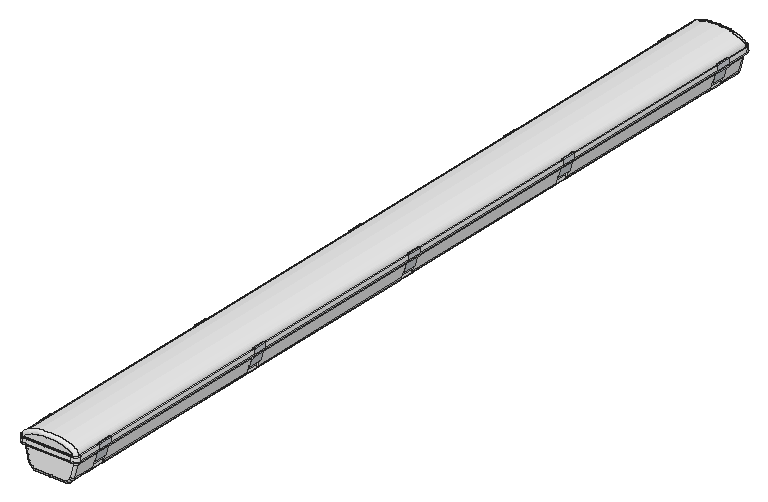
Revit family "0067990 Sylvania Lighting Fixture START Waterproof Twin 1500 IP65 DALI 7100lm 865 QC", category Lighting Fixtures, host Face, Revit 2016
Family settings
  Host = Face
  Part Type = Normal
  Round Connector Dimension = Use Diameter
  OmniClass Number = 23.80.70.11.14
  OmniClass Title = General Luminaries, Directional
  Cut with Voids When Loaded = No
  Light Source = Yes
  Shared = No
  Room Calculation Point = No
Parameters (values of type "0067990 ST WTRPRF T 1500 IP65 DALI 7100LM 865 QC")
  Width = 110 mm
  Weight = "kg"
  Wattage Comments = "n/a"
  Wattage = 58 W
  WarrantyStartDate [instance] = "n/a"
  WarrantyGuarantorParts = "n/a"
  WarrantyDurationUnit = "n/a"
  WarrantyDurationParts = "n/a"
  WarrantyDescription = "n/a"
  built-in parameter 1150110 = 1 (stored number, unit not read)
  Voltage = 0 V
  URL = "http://www.sylvania-lighting.com"
  TypeName = "START Waterproof Twin 1500 IP65 DALI 7100lm 865 QC"
  Type Image = <None>
  Type Comments = "n/a"
  built-in parameter 1114217 = 1 (stored number, unit not read)
  Tilt Angle = -90.00°
  built-in parameter 1150109 = 1 (stored number, unit not read)
  built-in parameter 1150134 = 1
  built-in parameter 1150113 = 1 (stored number, unit not read)
  SerialNumber [instance] = "n/a"
  ReflectorMaterial = none
  PowerFactor = 0
  PowerConsumption = "58 W"
  Photometric Web File = "0067990.ies"
  NominalWidth = 0 mm
  NominalLength = 1578 mm
  NominalHeight = 78 mm
  Name = "START Waterproof Twin 1500 IP65 DALI 7100lm 865 QC"
  ModelReference = "START Waterproof Twin 1500 IP65 DALI 7100lm 865 QC"
  ModelNumber = "0067990"
  Model = "START Waterproof Twin 1500 IP65 DALI 7100lm 865 QC"
  Material = "polycarbonate housing, polycarbonate diffuser"
  ManufacturerName = "Feilo Sylvania"
  Manufacturer = "Feilo Sylvania"
  LuminousEfficacy = "122 lm/W"
  built-in parameter 1150105 = 563.09 (stored number, unit not read)
  Lumens = 7076 lm
  LuminaireType = ""
  built-in parameter 1150115 = 1 (stored number, unit not read)
  LightOutputRatio = "n/a"
  built-in parameter 1150137 = (empty or 0)
  built-in parameter 1150139 = (empty or 0)
  Length = 1572 mm
  LampsType = Lamp  # "LED"
  LampNominalLuminous = "7050 lm"
  LampMacAdamStep = "n/a"
  LampColourTemperature = "6500 K"
  LampColourRenderingIndex = "80"
  built-in parameter 1150112 = 1 (stored number, unit not read)
  built-in parameter 1150114 = 1 (stored number, unit not read)
  Lamp = "LED"
  Keynote = "16500"
  InstallationDate [instance] = "n/a"
  InputVoltage = "n/a"
  InputNominalFrequency = "n/a"
  built-in parameter 1150132 = (empty or 0)
  built-in parameter 1150102 = (empty or 0)
  built-in parameter 1150107 = 6500 (stored number, unit not read)
  built-in parameter 1150138 = (empty or 0)
  IngressProtection = "IP65"
  ImpactProtectionIndex = "IK08"
  built-in parameter 1150106 = 5.6309 (stored number, unit not read)
  IfcExportType = "IfcLightFixtureType"
  IfcExportAs = "IfcLightFixtureType"
  ExpectedLife = 50000
  Emit from Rectangle Width = Width - 20 mm  # 90 mm
  Emit from Rectangle Length = Length - 20 mm  # 1552 mm
  Emit Shape Visible in Rendering = no
  ElectricShockClassification = "Class I"
  built-in parameter 1150104 = 11.334 (stored number, unit not read)
  DurationUnit = "hours"
  DocumentationLiterature = "http://www.sylvania-lighting.com/product/en-int/products/0067990"
  DimmingControlOptions = "n/a"
  Dimming Lamp Color Temperature Shift = <None>
  DiffuserMaterial = Diffuser-Sylvania-Transparent
  Description = ""
  Default Elevation = 1219.2 mm
  CreatedOn = "11/27/2018"
  CreatedBy = "@sylvania-lighting.com"
  Cost = 0
  Color Filter = 16777215
  built-in parameter 1114216 [instance] = (empty or 0)
  ClassificationValue = "EF_70_80"
  ClassificationName = "Uniclass2015"
  BodyMaterial = Body-Sylvania-Gray
  BarCode [instance] = "n/a"
  built-in parameter 1114218 = 1 (stored number, unit not read)
  built-in parameter 1150133 = 10 (stored number, unit not read)
  AssetType = "Fixed"
  AssetIdentifier [instance] = "n/a"
  Assembly Code = "D5020200"
  Apparent Load = 58 VA
  AccessoryMaterial = Diffuser-Sylvania-Glow
Reference planes
  plane 1 "Center (Front/Back)": y = 0
  plane 2: z = 0
  plane 3 "Center (Left/Right)": x = 0
  plane 4: z = 54
  plane 5: x = -27.7
  plane 6: x = -34.8
  plane 7: x = -39.6
  plane 8: x = -42.2
  plane 9: z = 3
  plane 10: z = 7.8
  plane 11: z = 12.3
  plane 12: z = 36.6
  plane 13: z = 42.8
  plane 14: x = -51.1
  plane 15: z = 46.2
  plane 16: x = -55
  plane 17: y = 786
  plane 18: y = -786
  plane 19: x = 27.7
  plane 20: x = 34.8
  plane 21: x = 39.6
  plane 22: x = 42.2
  plane 23: x = 51.1
  plane 24: x = 55
  plane 25: y = 778.4
  plane 26: y = -778.4
  plane 27: y = -774.7
  plane 28: y = 774.7
  plane 29: z = 74
  plane 30: x = -51.5
  plane 31: x = 51.5
  plane 32: z = 55.2
  plane 33: y = -782.5
  plane 34: y = 782.5
  plane 35: x = -37.5
  plane 36: x = 37.5
  plane 37: x = -48.7
  plane 38: x = 48.7
  plane 39: x = 18
  plane 40: x = -18
  plane 41: z = 50.2
  plane 42: z = 24.6
  plane 43: y = 720
  plane 44: y = 706
  plane 45: y = 734
  plane 46: y = -720
  plane 47: y = 720
  plane 48: y = 706
  plane 49: y = 734
  plane 50: y = -720
  plane 51: y = -734
  plane 52: y = -706
  plane 53: y = 360
  plane 54: y = 346
  plane 55: y = 374
  plane 56: y = 0
  plane 57: y = -14
  plane 58: y = 14
  plane 59: y = -360
  plane 60: y = -374
  plane 61: y = -346
Forms (mm)
  Sweep 1, solid, material "Body-Sylvania-Gray" <- "BodyMaterial", detail levels medium+fine
    path origin (1223.4, -4572, 54) x (0, -1, 0) y (1, 0, 0)
      loop
        arc (-3796, -1278.4) -> (-3788.929, -1275.471) -> (-3786, -1268.4) r 10
        line (-3786, -1268.4) -> (-3786, -1178.4)
        arc (-3786, -1178.4) -> (-3788.929, -1171.329) -> (-3796, -1168.4) r 10
        line (-3796, -1168.4) -> (-5348, -1168.4)
        arc (-5348, -1168.4) -> (-5355.071, -1171.329) -> (-5358, -1178.4) r 10
        line (-5358, -1178.4) -> (-5358, -1268.4)
        arc (-5358, -1268.4) -> (-5355.071, -1275.471) -> (-5348, -1278.4) r 10
        line (-5348, -1278.4) -> (-3796, -1278.4)
    profile origin (-55, 0, 54) x (-1, 0, 0) y (0, 0, 1)
      loop
        line (0, 0) -> (-1, 0) -> (-1, -7.726)
        arc (-1, -7.726) -> (-1.994, -9.498) -> (-3.9, -10.2) r 2.937
        line (-3.9, -10.2) -> (-8.571, -10.2) -> (-8.571, -11.2) -> (-3.9, -11.2)
        arc (-3.9, -11.2) -> (-1.313, -10.231) -> (0, -7.8) r 3.937
        line (0, -7.8) -> (0, 0)
  Sweep 2, solid, material "Body-Sylvania-Gray" <- "BodyMaterial", detail levels medium+fine
    path origin (0, 0, 0) x (1, 0, 0) y (0, 0, 1)
      loop
        line (48.7, 42.8) -> (48.7, 36.6) -> (42.203, 12.31)
        arc (42.203, 12.31) -> (41.199, 9.884) -> (39.6, 7.8) r 10.052
        line (39.6, 7.8) -> (34.8, 3)
        arc (34.8, 3) -> (31.554, 0.781) -> (27.7, 0) r 9.902
        line (27.7, 0) -> (0, 0) -> (-27.7, 0)
        arc (-27.7, 0) -> (-31.554, 0.781) -> (-34.8, 3) r 9.902
        line (-34.8, 3) -> (-39.6, 7.8)
        arc (-39.6, 7.8) -> (-41.199, 9.884) -> (-42.203, 12.31) r 10.052
        line (-42.203, 12.31) -> (-48.7, 36.6) -> (-48.7, 42.8)
    profile origin (0, 0, 0) x (0, 0, -1) y (0, -1, 0)
      loop
        arc (0, 773.4) -> (-1.464, 776.936) -> (-5, 778.4) r 5
        line (-5, 778.4) -> (-7.8, 778.4) -> (-7.8, -778.4) -> (-5, -778.4)
        arc (-5, -778.4) -> (-1.464, -776.936) -> (0, -773.4) r 5
        line (0, -773.4) -> (0, 773.4)
  Extrusion 3, solid, material "Body-Sylvania-Gray" <- "BodyMaterial", detail levels medium+fine
    sketch origin (1524, 778.4, 1219.2) x (1, 0, 0) y (0, 0, 1)
      loop
        arc (-1558.668, -1204.874) -> (-1558.443, -1205.418) -> (-1558.085, -1205.885) r 2.252
        line (-1558.085, -1205.885) -> (-1553.231, -1210.738)
        arc (-1553.231, -1210.738) -> (-1552.534, -1211.227) -> (-1551.7, -1211.4) r 2.102
        line (-1551.7, -1211.4) -> (-1496.3, -1211.4)
        arc (-1496.3, -1211.4) -> (-1495.466, -1211.227) -> (-1494.769, -1210.738) r 2.102
        line (-1494.769, -1210.738) -> (-1489.915, -1205.885)
        arc (-1489.915, -1205.885) -> (-1489.557, -1205.418) -> (-1489.332, -1204.874) r 2.252
        line (-1489.332, -1204.874) -> (-1483.1, -1181.575) -> (-1483.1, -1176.4) -> (-1564.9, -1176.4) -> (-1564.9, -1181.575) -> (-1558.668, -1204.874)
    from 0 to 1556.8
  Sweep 4, solid, material "Diffuser-Sylvania-Transparent" <- "DiffuserMaterial", detail levels medium+fine
    path origin (0, 0, 0) x (1, 0, 0) y (0, 0, 1)
      loop
        spline (-51.5, 55.2) -> (-49.745, 60.066) -> (-44.6, 64.6) -> (-36.416, 68.494) -> (-25.75, 71.481) -> (-13.329, 73.359) -> (0, 74) -> (13.329, 73.359) -> (25.75, 71.481) -> (36.416, 68.494) -> (44.6, 64.6) -> (49.745, 60.066) -> (51.5, 55.2)
    profile origin (51.5, 0, 55.2) x (0, -1, 0) y (1, 0, 0)
      loop
        arc (782.5, -5.5) -> (780.889, -1.611) -> (777, 0) r 5.5
        line (777, 0) -> (-777, 0)
        arc (-777, 0) -> (-780.889, -1.611) -> (-782.5, -5.5) r 5.5
        line (-782.5, -5.5) -> (-782.5, -6.3) -> (-781.5, -6.3) -> (-781.5, -5.5)
        arc (-781.5, -5.5) -> (-780.182, -2.318) -> (-777, -1) r 4.5
        line (-777, -1) -> (777, -1)
        arc (777, -1) -> (780.182, -2.318) -> (781.5, -5.5) r 4.5
        line (781.5, -5.5) -> (781.5, -6.347) -> (782.5, -6.347) -> (782.5, -5.5)
  Extrusion 5, solid, material "Diffuser-Sylvania-Transparent" <- "DiffuserMaterial", detail levels medium+fine
    sketch origin (1524, -782.5, 1219.2) x (1, 0, 0) y (0, 0, 1)
      loop
        line (-1569.653, -1164) -> (-1478.347, -1164)
        spline (-1478.347, -1164) -> (-1478.969, -1162.594) -> (-1482.527, -1159.545) -> (-1489.588, -1156.201) -> (-1499.458, -1153.445) -> (-1511.242, -1151.663) -> (-1524, -1151.049) -> (-1536.758, -1151.663) -> (-1548.542, -1153.445) -> (-1558.412, -1156.201) -> (-1565.473, -1159.545) -> (-1569.031, -1162.594) -> (-1569.653, -1164)
    from 0 to -1
  Extrusion 6, solid, material "Diffuser-Sylvania-Transparent" <- "DiffuserMaterial", detail levels medium+fine
    sketch origin (1524, 782.5, 1219.2) x (1, 0, 0) y (0, 0, 1)
      loop
        spline (-1478.3, -1164) -> (-1478.931, -1162.565) -> (-1482.502, -1159.505) -> (-1489.572, -1156.155) -> (-1499.446, -1153.394) -> (-1511.236, -1151.614) -> (-1524, -1151.007) -> (-1536.764, -1151.614) -> (-1548.554, -1153.394) -> (-1558.428, -1156.155) -> (-1565.498, -1159.505) -> (-1569.069, -1162.565) -> (-1569.7, -1164)
        line (-1569.7, -1164) -> (-1478.3, -1164)
    from 0 to 1
  Extrusion 7, solid, material "Diffuser-Sylvania-Transparent" <- "DiffuserMaterial", detail levels medium+fine
    sketch origin (1223.4, -4572, 55.2) x (0, -1, 0) y (-1, 0, 0)
      loop
        arc (-5353.5, 1177.4) -> (-5352.182, 1174.218) -> (-5349, 1172.9) r 4.5
        line (-5349, 1172.9) -> (-3795, 1172.9)
        arc (-3795, 1172.9) -> (-3791.818, 1174.218) -> (-3790.5, 1177.4) r 4.5
        line (-3790.5, 1177.4) -> (-3790.5, 1269.4)
        arc (-3790.5, 1269.4) -> (-3791.818, 1272.582) -> (-3795, 1273.9) r 4.5
        line (-3795, 1273.9) -> (-5349, 1273.9)
        arc (-5349, 1273.9) -> (-5352.182, 1272.582) -> (-5353.5, 1269.4) r 4.5
        line (-5353.5, 1269.4) -> (-5353.5, 1177.4)
      loop
        line (-5358, 1268.4) -> (-5358, 1178.4)
        arc (-5358, 1178.4) -> (-5355.071, 1171.329) -> (-5348, 1168.4) r 10
        line (-5348, 1168.4) -> (-3796, 1168.4)
        arc (-3796, 1168.4) -> (-3788.929, 1171.329) -> (-3786, 1178.4) r 10
        line (-3786, 1178.4) -> (-3786, 1268.4)
        arc (-3786, 1268.4) -> (-3788.929, 1275.471) -> (-3796, 1278.4) r 10
        line (-3796, 1278.4) -> (-5348, 1278.4)
        arc (-5348, 1278.4) -> (-5355.071, 1275.471) -> (-5358, 1268.4) r 10
    from 0 to 1.2
  Extrusion 8, solid, material "Diffuser-Sylvania-Glow" <- "AccessoryMaterial", detail levels fine
    sketch origin (0, 0, 0) x (1, 0, 0) y (0, 0, 1)
      loop
        circle (-18, 50.2) r 8
      loop
        circle (18, 50.2) r 8
    from -774.7 to 774.7
  Extrusion 9, void
    sketch origin (0, 720, 2343.807) x (0, 0, -1) y (-1, 0, 0)
      loop
        line (2340.807, -37.5) -> (2331.507, -37.5) -> (2319.207, -42.2) -> (2319.207, -48.7) -> (2340.807, -48.7) -> (2340.807, -37.5)
      loop
        line (2340.807, 37.5) -> (2340.807, 48.7) -> (2319.207, 48.7) -> (2319.207, 42.2) -> (2331.507, 37.5) -> (2340.807, 37.5)
    from -14 to 14
  Extrusion 10, solid, material "Body-Sylvania-Gray" <- "BodyMaterial", detail levels coarse
    sketch origin (0, 0, 0) x (1, 0, 0) y (0, 0, 1)
      loop
        line (55, 42.8) -> (55, 55.2) -> (-55, 55.2) -> (-55, 42.791) -> (-42.2, 0) -> (42.2, 0) -> (55, 42.8)
    from -786 to 786
  Extrusion 11, solid, material "Diffuser-Sylvania-Transparent" <- "DiffuserMaterial", detail levels coarse
    sketch origin (0, 0, 0) x (1, 0, 0) y (0, 0, 1)
      loop
        arc (51.5, 55.2) -> (0, 74) -> (-51.5, 55.2) r 79.939
        line (-51.5, 55.2) -> (51.5, 55.2)
    from 778.4 to -778.4
  Extrusion 12, void, not visible
    sketch origin (0, 720, 2343.807) x (0, 0, -1) y (-1, 0, 0)
      loop
        line (2340.807, -37.5) -> (2331.507, -37.5) -> (2319.207, -42.2) -> (2319.207, -48.7) -> (2340.807, -48.7) -> (2340.807, -37.5)
      loop
        line (2340.807, 37.5) -> (2340.807, 48.7) -> (2319.207, 48.7) -> (2319.207, 42.2) -> (2331.507, 37.5) -> (2340.807, 37.5)
    from -14 to 14
  Extrusion 13, void
    sketch origin (0, -720, 2343.807) x (0, 0, -1) y (-1, 0, 0)
      loop
        line (2340.807, -37.5) -> (2331.507, -37.5) -> (2319.207, -42.2) -> (2319.207, -48.7) -> (2340.807, -48.7) -> (2340.807, -37.5)
      loop
        line (2340.807, 37.5) -> (2340.807, 48.7) -> (2319.207, 48.7) -> (2319.207, 42.2) -> (2331.507, 37.5) -> (2340.807, 37.5)
    from -14 to 14
  Extrusion 14, void
    sketch origin (0, 360, 2343.807) x (0, 0, -1) y (-1, 0, 0)
      loop
        line (2340.807, -37.5) -> (2331.507, -37.5) -> (2319.207, -42.2) -> (2319.207, -48.7) -> (2340.807, -48.7) -> (2340.807, -37.5)
      loop
        line (2340.807, 37.5) -> (2340.807, 48.7) -> (2319.207, 48.7) -> (2319.207, 42.2) -> (2331.507, 37.5) -> (2340.807, 37.5)
    from -14 to 14
  Extrusion 15, void
    sketch origin (0, 0, 2343.807) x (0, 0, -1) y (-1, 0, 0)
      loop
        line (2340.807, -37.5) -> (2331.507, -37.5) -> (2319.207, -42.2) -> (2319.207, -48.7) -> (2340.807, -48.7) -> (2340.807, -37.5)
      loop
        line (2340.807, 37.5) -> (2340.807, 48.7) -> (2319.207, 48.7) -> (2319.207, 42.2) -> (2331.507, 37.5) -> (2340.807, 37.5)
    from -14 to 14
  Extrusion 16, void
    sketch origin (0, -360, 2343.807) x (0, 0, -1) y (-1, 0, 0)
      loop
        line (2340.807, -37.5) -> (2331.507, -37.5) -> (2319.207, -42.2) -> (2319.207, -48.7) -> (2340.807, -48.7) -> (2340.807, -37.5)
      loop
        line (2340.807, 37.5) -> (2340.807, 48.7) -> (2319.207, 48.7) -> (2319.207, 42.2) -> (2331.507, 37.5) -> (2340.807, 37.5)
    from -14 to 14
Cuts and joins
  Extrusion 9, Extrusion 13, Extrusion 14, Extrusion 15, Extrusion 16 cuts Sweep 2
  Extrusion 13, Extrusion 14, Extrusion 15, Extrusion 16 cuts Extrusion 3
  joined: Sweep 2, Extrusion 3
  joined: Sweep 4, Extrusion 5, Extrusion 6
Dimensions and locks
  locked: plane 4 to plane 2 at 54
  plane 5 to plane 6 to plane 7 to plane 8 to plane 14 to plane 16 = 7.1 mm locked, 4.8 mm locked, 2.6 mm locked, 8.9 mm, 3.9 mm
  plane 4 to plane 15 to plane 13 to plane 12 to plane 11 to plane 10 to plane 9 = 7.8 mm locked, 3.4 mm, 6.2 mm locked, 24.3 mm locked, 4.5 mm locked, 4.8 mm locked
  equal spacing: plane 18, plane 1 "Center (Front/Back)", plane 17
  "Length": plane 18 to plane 17
  plane 19 to plane 20 to plane 21 to plane 22 to plane 23 to plane 24 = 7.1 mm locked, 4.8 mm locked, 2.6 mm locked, 8.9 mm, 3.9 mm
  equal spacing: plane 24, plane 3 "Center (Left/Right)", plane 16
  "Width": plane 24 to plane 16
  equal spacing: plane 27, plane 1 "Center (Front/Back)", plane 28
  locked: plane 26 to plane 27 at 3.7
  locked: Sweep 1 sketch curve to profile plane at 1
  locked: Sweep 1 sketch curve to plane 13 at 1
  locked: Sweep 1 sketch curve to plane 13 at 3.937  (x2)
  locked: Sweep 1 sketch curve to profile plane at 3.9  (x2)
  locked: plane 29 to plane 4 at 20
  equal spacing: plane 31, plane 3 "Center (Left/Right)", plane 30
  locked: plane 30 to plane 16 at 3.5
  locked: plane 32 to plane 4 at 1.2
  equal spacing: plane 33, plane 1 "Center (Front/Back)", plane 34
  equal spacing: plane 36, plane 3 "Center (Left/Right)", plane 35
  locked: plane 3 "Center (Left/Right)" to plane 35 at 37.5
  locked: plane 34 to plane 17 at 3.5
  equal spacing: plane 38, plane 3 "Center (Left/Right)", plane 37
  locked: plane 37 to plane 16 at 6.3
  equal spacing: plane 25, plane 1 "Center (Front/Back)", plane 26
  locked: plane 17 to plane 25 at 7.6
  locked: Sweep 2 sketch curve to plane 2 at 5  (x2)
  locked: Sweep 2 sketch curve to plane 26 at 5
  locked: plane 25 to Sweep 2 sketch curve at 5
  locked: Sweep 4 sketch curve to plane 31 at 5.5  (x2)
  locked: Sweep 4 sketch curve to plane 34 at 5.5
  plane 33 to Sweep 4 sketch curve = 5.5 mm
  locked: plane 34 to Sweep 4 sketch curve at 1
  locked: Sweep 4 sketch curve to plane 31 at 1
  locked: Sweep 4 sketch curve to Sweep 4 sketch curve at 1
  locked: Sweep 4 sketch curve to plane 31 at 6.347
  locked: Sweep 4 sketch curve to plane 31 at 6.3
  equal spacing: plane 39, plane 3 "Center (Left/Right)", plane 40
  locked: plane 3 "Center (Left/Right)" to plane 40 at 18
  locked: plane 42 to plane 2 at 24.6
  plane 45 to plane 43 to plane 44 = 14 mm locked, 14 mm locked
  locked: plane 17 to plane 43 at 66
  equal spacing: plane 43, plane 1 "Center (Front/Back)", plane 46
  plane 49 to plane 47 to plane 48 = 14 mm locked, 14 mm locked
  plane 52 to plane 50 to plane 51 = 14 mm locked, 14 mm locked  (x2)
  equal spacing: group 1, group 6, group 7, group 8, group 5  (x2)
  equal spacing: group 5, group 8, group 7, group 6, group 1
  plane 55 to plane 53 to plane 54 = 14 mm locked, 14 mm locked  (x2)
  plane 58 to plane 56 to plane 57 = 14 mm locked, 14 mm locked  (x2)
  plane 61 to plane 59 to plane 60 = 14 mm locked, 14 mm locked  (x2)
  plane 43 to plane 53 to plane 1 "Center (Front/Back)" to plane 59 to plane 50 = 360 mm locked, 360 mm locked, 360 mm locked, 360 mm locked
  aligned and locked: plane 2 to host face
  aligned and locked: level to host face
  aligned and locked: plane 16 to Sweep 1 sketch curve
  aligned and locked: Sweep 1 sketch curve to plane 24
  aligned and locked: plane 18 to Sweep 1 sketch curve
  aligned and locked: Sweep 1 sketch curve to plane 13
  aligned and locked: profile plane to Sweep 1 sketch curve
  aligned and locked: plane 3 "Center (Left/Right)" to Sweep 2 sketch curve
  aligned and locked: plane 9 to Sweep 2 sketch curve
  aligned and locked: plane 10 to Sweep 2 sketch curve
  aligned and locked: plane 37 to Sweep 2 sketch curve
  aligned and locked: plane 12 to Sweep 2 sketch curve
  aligned and locked: Sweep 2 sketch curve to level
  aligned and locked: plane 21 to Sweep 2 sketch curve
  aligned and locked: plane 38 to Sweep 2 sketch curve
  aligned and locked: profile plane to Sweep 2 sketch curve
  aligned and locked: plane 25 to Sweep 2 sketch curve
  aligned and locked: Sweep 2 sketch curve to plane 10
  aligned and locked: Extrusion 3 sketch curve to Sweep 2  (x7)
  aligned and locked: Sweep 2 to Extrusion 3 sketch curve
  aligned and locked: Extrusion 3 to plane 25
  aligned and locked: plane 26 to Extrusion 3
  aligned and locked: plane 32 to Sweep 4 sketch curve
  aligned and locked: plane 33 to Sweep 4 sketch curve
  aligned and locked: Sweep 4 to Extrusion 5
  aligned and locked: plane 33 to Extrusion 5
  aligned and locked: Extrusion 5 sketch curve to Sweep 4
  aligned and locked: cut or joined group of Sweep 4, Extrusion 5, Extrusion 6 to Extrusion 6 sketch curve
  aligned and locked: Extrusion 7 sketch curve to cut or joined group of Sweep 4, Extrusion 5, Extrusion 6  (x2)
  aligned and locked: cut or joined group of Sweep 4, Extrusion 5, Extrusion 6 to Extrusion 7 sketch curve  (x2)
  aligned and locked: plane 41 to Extrusion 8 sketch curve  (x2)
  aligned and locked: plane 39 to Extrusion 8 sketch curve
  aligned and locked: plane 27 to Extrusion 8
  aligned and locked: Extrusion 8 to plane 28
  aligned and locked: Extrusion 9 to plane 42
  aligned and locked: plane 9 to Extrusion 9
  aligned and locked: plane 44 to Extrusion 9
  aligned and locked: Extrusion 9 to plane 45
  aligned and locked: Extrusion 7 sketch curve to Sweep 1  (x4)
  aligned and locked: plane 4 to Extrusion 7
  aligned and locked: Extrusion 7 to plane 32
  aligned and locked: nested 2 to plane 43
  aligned and locked: plane 43 to nested 1
  aligned and locked: Extrusion 10 sketch curve to plane 24
  aligned and locked: Extrusion 10 sketch curve to Extrusion 7
  aligned and locked: plane 8 to Extrusion 10 sketch curve
  aligned and locked: plane 22 to Extrusion 10 sketch curve
  aligned and locked: level to Extrusion 10 sketch curve
  aligned and locked: Extrusion 10 to plane 17
  aligned and locked: plane 18 to Extrusion 10
  aligned and locked: cut or joined group of Sweep 4, Extrusion 5, Extrusion 6 to Extrusion 11 sketch curve
  aligned and locked: Extrusion 11 sketch curve to cut or joined group of Sweep 4, Extrusion 5, Extrusion 6  (x2)
  aligned and locked: plane 31 to Extrusion 11 sketch curve
  aligned and locked: plane 30 to Extrusion 11 sketch curve
  aligned and locked: plane 26 to Extrusion 11
  aligned and locked: Extrusion 11 to plane 25
  aligned and locked: imposter light to plane 29
  aligned and locked: plane 3 "Center (Left/Right)" to imposter light
  aligned and locked: plane 1 "Center (Front/Back)" to imposter light
  aligned and locked: plane 51 to Extrusion 13
  aligned and locked: Extrusion 13 to plane 52
  aligned and locked: plane 54 to Extrusion 14
  aligned and locked: Extrusion 14 to plane 55
  aligned and locked: plane 57 to Extrusion 15
  aligned and locked: Extrusion 15 to plane 58
  aligned and locked: plane 60 to Extrusion 16
  aligned and locked: Extrusion 16 to plane 61
  aligned and locked: nested 3 to plane 53
  aligned and locked: plane 53 to nested 10
  aligned and locked: nested 4 to plane 56
  aligned and locked: plane 56 to nested 9
  aligned and locked: nested 5 to plane 59
  aligned and locked: plane 59 to nested 8
  aligned and locked: nested 6 to plane 50
  aligned and locked: plane 50 to nested 7
Automatic sketch dimensions
  host sketch curve to host sketch curve = 2438.4 mm  (x2)
  plane 17 to Sweep 1 sketch curve = 0 mm
  Sweep 1 sketch curve to plane 28 = 1.3 mm
  Sweep 1 sketch curve to plane 7 = 5.4 mm
  plane 27 to Sweep 1 sketch curve = 1.3 mm  (x2)
  Sweep 1 sketch curve to Sweep 1 sketch curve = 4.671 mm
  Sweep 1 sketch curve to plane 4 = 0 mm
  Sweep 2 sketch curve to plane 7 = 0 mm
  Sweep 2 sketch curve to plane 6 = 0 mm
  Sweep 2 sketch curve to plane 5 = 0 mm
  plane 19 to Sweep 2 sketch curve = 0 mm
  Sweep 2 sketch curve to plane 9 = 0 mm
  plane 20 to Sweep 2 sketch curve = 0 mm
  Sweep 2 sketch curve to plane 12 = 0 mm
  Sweep 2 sketch curve to plane 10 = 0 mm
  Sweep 2 sketch curve to plane 13 = 0 mm  (x2)
  Sweep 2 sketch curve to plane 8 = 0.003 mm
  plane 6 to Sweep 2 sketch curve = 2.308 mm
  plane 20 to Sweep 2 sketch curve = 2.308 mm
  Sweep 2 sketch curve to plane 22 = 0.003 mm
  Sweep 2 sketch curve to plane 11 = 0.01 mm  (x2)
  Extrusion 3 sketch curve to plane 5 = 0 mm
  plane 19 to Extrusion 3 sketch curve = 0 mm
  plane 6 to Extrusion 3 sketch curve = 0.132 mm
  plane 6 to Extrusion 3 sketch curve = 0.715 mm
  Extrusion 3 sketch curve to Extrusion 3 sketch curve = 1.592 mm
  Extrusion 3 sketch curve to plane 10 = 0.662 mm  (x2)
  plane 20 to Extrusion 3 sketch curve = 2.308 mm
  plane 20 to Extrusion 3 sketch curve = 0.715 mm
  plane 20 to Extrusion 3 sketch curve = 0.132 mm
  Sweep 4 sketch curve to plane 30 = 0 mm
  Sweep 4 sketch curve to plane 3 "Center (Left/Right)" = 0 mm
  Sweep 4 sketch curve to Sweep 4 sketch curve = 0 mm  (x2)
  plane 37 to Extrusion 5 sketch curve = 3.047 mm
  Extrusion 5 sketch curve to plane 38 = 3.047 mm
  plane 37 to Extrusion 6 sketch curve = 3 mm
  Extrusion 6 sketch curve to plane 38 = 3 mm
  plane 25 to Extrusion 7 sketch curve = 1.4 mm  (x2)
  Extrusion 7 sketch curve to plane 26 = 1.4 mm  (x2)
  Extrusion 8 sketch curve to plane 40 = 0 mm
  Extrusion 9 sketch curve to Extrusion 9 sketch curve = 0 mm
  Extrusion 9 sketch curve to Extrusion 9 sketch curve = 12.3 mm  (x2)
  Extrusion 9 sketch curve to Extrusion 9 sketch curve = 9.3 mm  (x2)
  Extrusion 9 sketch curve to Extrusion 9 sketch curve = 6.5 mm
  Extrusion 9 sketch curve to Extrusion 9 sketch curve = 4.7 mm  (x2)
  Extrusion 9 sketch curve to Extrusion 9 sketch curve = 75 mm
  Extrusion 9 sketch curve to Extrusion 9 sketch curve = 11.2 mm
  Extrusion 10 sketch curve to plane 13 = 0 mm
  plane 13 to Extrusion 10 sketch curve = 0.009 mm
  Extrusion 11 sketch curve to level = 5.939 mm
  Extrusion 10 sketch curve to plane 16 = 0 mm
  Extrusion 12 sketch curve to Extrusion 12 sketch curve = 0 mm
  Extrusion 12 sketch curve to Extrusion 12 sketch curve = 12.3 mm  (x2)
  Extrusion 12 sketch curve to Extrusion 12 sketch curve = 9.3 mm  (x2)
  Extrusion 12 sketch curve to Extrusion 12 sketch curve = 6.5 mm
  Extrusion 12 sketch curve to Extrusion 12 sketch curve = 4.7 mm  (x2)
  Extrusion 12 sketch curve to Extrusion 12 sketch curve = 75 mm
  Extrusion 12 sketch curve to Extrusion 12 sketch curve = 11.2 mm
  Extrusion 13 sketch curve to Extrusion 13 sketch curve = 0 mm
  Extrusion 13 sketch curve to Extrusion 13 sketch curve = 12.3 mm  (x2)
  Extrusion 13 sketch curve to Extrusion 13 sketch curve = 9.3 mm  (x2)
  Extrusion 13 sketch curve to Extrusion 13 sketch curve = 6.5 mm
  Extrusion 13 sketch curve to Extrusion 13 sketch curve = 4.7 mm  (x2)
  Extrusion 13 sketch curve to Extrusion 13 sketch curve = 75 mm
  Extrusion 13 sketch curve to Extrusion 13 sketch curve = 11.2 mm
  Extrusion 14 sketch curve to Extrusion 14 sketch curve = 0 mm
  Extrusion 14 sketch curve to Extrusion 14 sketch curve = 12.3 mm  (x2)
  Extrusion 14 sketch curve to Extrusion 14 sketch curve = 9.3 mm  (x2)
  Extrusion 14 sketch curve to Extrusion 14 sketch curve = 6.5 mm
  Extrusion 14 sketch curve to Extrusion 14 sketch curve = 4.7 mm  (x2)
  Extrusion 14 sketch curve to Extrusion 14 sketch curve = 75 mm
  Extrusion 14 sketch curve to Extrusion 14 sketch curve = 11.2 mm
  Extrusion 15 sketch curve to Extrusion 15 sketch curve = 0 mm
  Extrusion 15 sketch curve to Extrusion 15 sketch curve = 12.3 mm  (x2)
  Extrusion 15 sketch curve to Extrusion 15 sketch curve = 9.3 mm  (x2)
  Extrusion 15 sketch curve to Extrusion 15 sketch curve = 6.5 mm
  Extrusion 15 sketch curve to Extrusion 15 sketch curve = 4.7 mm  (x2)
  Extrusion 15 sketch curve to Extrusion 15 sketch curve = 75 mm
  Extrusion 15 sketch curve to Extrusion 15 sketch curve = 11.2 mm
  Extrusion 16 sketch curve to Extrusion 16 sketch curve = 0 mm
  Extrusion 16 sketch curve to Extrusion 16 sketch curve = 12.3 mm  (x2)
  Extrusion 16 sketch curve to Extrusion 16 sketch curve = 9.3 mm  (x2)
  Extrusion 16 sketch curve to Extrusion 16 sketch curve = 6.5 mm
  Extrusion 16 sketch curve to Extrusion 16 sketch curve = 4.7 mm  (x2)
  Extrusion 16 sketch curve to Extrusion 16 sketch curve = 75 mm
  Extrusion 16 sketch curve to Extrusion 16 sketch curve = 11.2 mm
  radius of Extrusion 8 sketch curve = 8 mm  (x2)
Nested families
  nested 1: "Clip" at (42.2, 720, 24.6), type "Clip", detail levels fine
  nested 2: "Clip" at (-42.2, 720, 24.6) x (-1, 0, 0) z (0, 0, 1), type "Clip", detail levels fine
  nested 3: "Clip" at (-42.2, 360, 24.6) x (-1, 0, 0) z (0, 0, 1), type "Clip", detail levels fine
  nested 4: "Clip" at (-42.2, 0, 24.6) x (-1, 0, 0) z (0, 0, 1), type "Clip", detail levels fine
  nested 5: "Clip" at (-42.2, -360, 24.6) x (-1, 0, 0) z (0, 0, 1), type "Clip", detail levels fine
  nested 6: "Clip" at (-42.2, -720, 24.6) x (-1, 0, 0) z (0, 0, 1), type "Clip", detail levels fine
  nested 7: "Clip" at (42.2, -720, 24.6), type "Clip", detail levels fine
  nested 8: "Clip" at (42.2, -360, 24.6), type "Clip", detail levels fine
  nested 9: "Clip" at (42.2, 0, 24.6), type "Clip", detail levels fine
  nested 10: "Clip" at (42.2, 360, 24.6), type "Clip", detail levels fine
Connectors
  electrical at (0, 0, 0), driven by "Apparent Load"
    settings: index 1, voltage 230 V, apparent load 58 VA, apparent load phase1 0 VA, apparent load phase2 0 VA, apparent load phase3 0 VA, power factor 0, load classification "Lighting", number of poles 1, system type 30, power factor state 1, is connector primary yes, connector utility no, sub classification motor no, connector description ""
Definition of nested family "Clip"
  Parameters (values of type "Clip")
    URL = "http://www.feilosylvania.com"
    Type Comments = "n/a"
    Model = "n/a"
    Manufacturer = "Feilo Sylvania"
    Keynote = "n/a"
    Description = "n/a"
    Default Elevation = 1219.2 mm
    Cost = 0
    BodyMaterial = none
    Assembly Code = "n/a"
  Reference planes
    plane 1 "Center (Front/Back)": y = 0
    plane 2: z = 0
    plane 3 "Center (Left/Right)": x = 0
    plane 4: x = 3.3
    plane 5: x = 6.5
    plane 6: x = 8.9
    plane 7: x = 12.8
    plane 8: z = 12
    plane 9: z = 18.2
    plane 10: z = 21.6
    plane 11: z = 30.6
    plane 12: x = 9.3
    plane 13: z = 19.2
    plane 14: z = 16.2
    plane 15: x = 10.1
    plane 16: y = 12
    plane 17: y = -12
  Forms (mm)
    Extrusion 1, solid
      sketch origin (-0.8, 0, 0) x (1, 0, 0) y (0, 1, 0)
        loop
          line (-1219.2, 1219.2) -> (-1219.2, -1219.2) -> (1219.2, -1219.2) -> (1219.2, 1219.2) -> (-1219.2, 1219.2)
      from 0 to -304.8
    Extrusion 2, solid
      sketch origin (0, 0, 0) x (1, 0, 0) y (0, 0, 1)
        loop
          line (8.9, 16.2) -> (4.58, 0) -> (0, 0) -> (0, -0.8) -> (5.195, -0.8) -> (9.603, 15.731) -> (13.6, 18.806) -> (13.6, 30.6)
          arc (13.6, 30.6) -> (11.45, 32.75) -> (9.3, 30.6) r 2.15
          line (9.3, 30.6) -> (10.1, 30.6)
          arc (10.1, 30.6) -> (11.45, 31.95) -> (12.8, 30.6) r 1.35
          line (12.8, 30.6) -> (12.8, 19.2) -> (8.9, 16.2)
      from -12 to 12
  Lines and regions (mm)
    reference lines
      curve 1: line (3.3, 0, 0) -> (6.5, 0, 12)
      curve 2: arc (8.9, 0, 18.2) -> (11.488, 0, 19.169) -> (12.8, 0, 21.6) r 3.934
  Dimensions and locks
    plane 7 to plane 6 to plane 5 to plane 4 to plane 3 "Center (Left/Right)" = 3.9 mm locked, 2.4 mm locked, 3.2 mm locked, 3.3 mm locked
    plane 11 to plane 10 to plane 9 to plane 8 to plane 2 = 9 mm locked, 3.4 mm locked, 6.2 mm locked, 12 mm locked
    locked: plane 7 to plane 12 at 3.5
    locked: plane 13 to plane 9 at 1
    locked: plane 9 to plane 14 at 2
    locked: plane 15 to plane 12 at 0.8
    locked: plane 2 to Extrusion 2 sketch curve at 0.8
    locked: Extrusion 2 sketch curve to Extrusion 2 sketch curve at 0.8  (x3)
    locked: plane 7 to Extrusion 2 sketch curve at 1.35
    equal spacing: plane 17, plane 1 "Center (Front/Back)", plane 16
    locked: plane 1 "Center (Front/Back)" to plane 16 at 12
    aligned and locked: plane 2 to Extrusion 1
    aligned and locked: level to Extrusion 1
    aligned and locked: plane 4 to curve 1
    aligned and locked: plane 5 to curve 1
    aligned and locked: plane 6 to curve 2
    aligned and locked: plane 10 to curve 2
    aligned and locked: plane 14 to Extrusion 2 sketch curve
    aligned and locked: plane 13 to Extrusion 2 sketch curve
    aligned and locked: plane 7 to Extrusion 2 sketch curve
    aligned and locked: plane 3 "Center (Left/Right)" to Extrusion 2 sketch curve
    aligned and locked: Extrusion 2 sketch curve to level
    aligned and locked: Extrusion 2 sketch curve to plane 11
    aligned and locked: plane 11 to Extrusion 2 sketch curve
    aligned and locked: Extrusion 2 to plane 16
    aligned and locked: plane 17 to Extrusion 2
  Automatic sketch dimensions
    Extrusion 1 sketch curve to Extrusion 1 sketch curve = 2438.4 mm  (x2)
    curve 2 to plane 7 = 0 mm
    curve 1 to level = 0 mm
    curve 1 to plane 8 = 0 mm
    curve 2 to plane 9 = 0 mm
    plane 6 to curve 2 = 0.002 mm
    Extrusion 2 sketch curve to Extrusion 2 sketch curve = 0 mm
    Extrusion 2 sketch curve to plane 6 = 0 mm
    plane 4 to Extrusion 2 sketch curve = 1.28 mm
